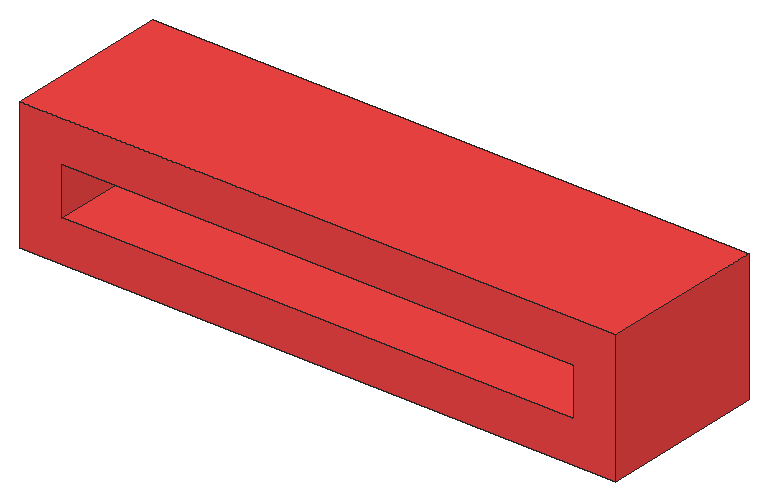
Revit family "Vent Duct Wrap", category Specialty Equipment, Revit 2015
Parameters (values of type "Duct size - 308 x 29")
  Width = 308 mm
  URL = "https://www.tenmat.com/passive-fire-protection"
  Tenmat Item Number = ""
  Youtube clip = ""
  Length_Calc = if(Length < 100 mm, if(Length > 100 mm, Length, 100 mm), 100 mm)  # 100 mm
  Height = 29 mm
  Conduit Material Suitability = "HDEP, UPVC, PVC,"
  Performance = "BS EN 1366-3:2009 & BS 476, ETA-12/0332, 1224-CPR-0341, CE Marked"
  Model = ""
  Material = "Intumescent Sealant"
  Manufacturer = "Tenmat ltd"
  Length = 100 mm
  IFC Classification = "Building Element Proxy"
  Description = "FireFly 109 Vent Duct Wrap"
  Thickness [instance] = 25 mm
  Assembly Code = ""
Types (7, lengths in mm): name | Width | Height | Length | Thickness
  Duct size - 110 x 54 | 110 | 54 | 100 | 4
  Duct size - 204 x 60 | 204 | 60 | 210 | 25
  Duct size - 215 x 25 | 220 | 90 | 210 | 30
  Duct size - 234 x 29 | 234 | 29 | 100 | 25
  Duct size - 308 x 29 | 308 | 29 | 100 | 25
  Duct size - 180 x 90 | 180 | 90 | 100 | 4
  Duct size - 150 x 70 | 150 | 70 | 100 | 4
Reference planes
  plane 1 "Center (Front/Back)": y = 0
  plane 2: z = 0
  plane 3 "Center (Left/Right)": x = 0
  plane 4 "Back": y = 50
  plane 5 "Front": y = -50
  plane 6: y = 0.5
  plane 7: x = -154
  plane 8: x = 154
  plane 9: z = 14.5
  plane 10: z = -14.5
  plane 11: x = 179
  plane 12: x = -179
  plane 13: z = -39.5
  plane 14: z = 39.5
Forms (mm)
  Extrusion 1, solid, material "Tenmat"
    sketch origin (0, 0, 0) x (1, 0, 0) y (0, 0, 1)
      loop
        line (-154, 14.5) -> (-154, -14.5) -> (154, -14.5) -> (154, 14.5) -> (-154, 14.5)
      loop
        line (-179, -39.5) -> (179, -39.5) -> (179, 39.5) -> (-179, 39.5) -> (-179, -39.5)
    from -50 to 50
Dimensions and locks
  equal spacing: plane 4 "Back", plane 1 "Center (Front/Back)", plane 5 "Front"
  "Length_Calc": plane 4 "Back" to plane 5 "Front"
  equal spacing: plane 7, plane 3 "Center (Left/Right)", plane 8
  "Width": plane 7 to plane 8
  "Thickness": plane 11 to plane 8
  "Thickness": plane 14 to plane 9
  "Thickness": plane 10 to plane 13
  "Thickness": plane 12 to plane 7
  equal spacing: plane 9, level, plane 10
  "Height": plane 9 to plane 10
  aligned and locked: level to plane 2
  aligned and locked: Extrusion 1 sketch curve to plane 7
  aligned and locked: Extrusion 1 sketch curve to plane 8
  aligned and locked: Extrusion 1 sketch curve to plane 9
  aligned and locked: Extrusion 1 sketch curve to plane 10
  aligned and locked: plane 5 "Front" to Extrusion 1
  aligned and locked: plane 4 "Back" to Extrusion 1
  aligned and locked: Extrusion 1 sketch curve to plane 11
  aligned and locked: Extrusion 1 sketch curve to plane 14
  aligned and locked: Extrusion 1 sketch curve to plane 12
  aligned and locked: Extrusion 1 sketch curve to plane 13
